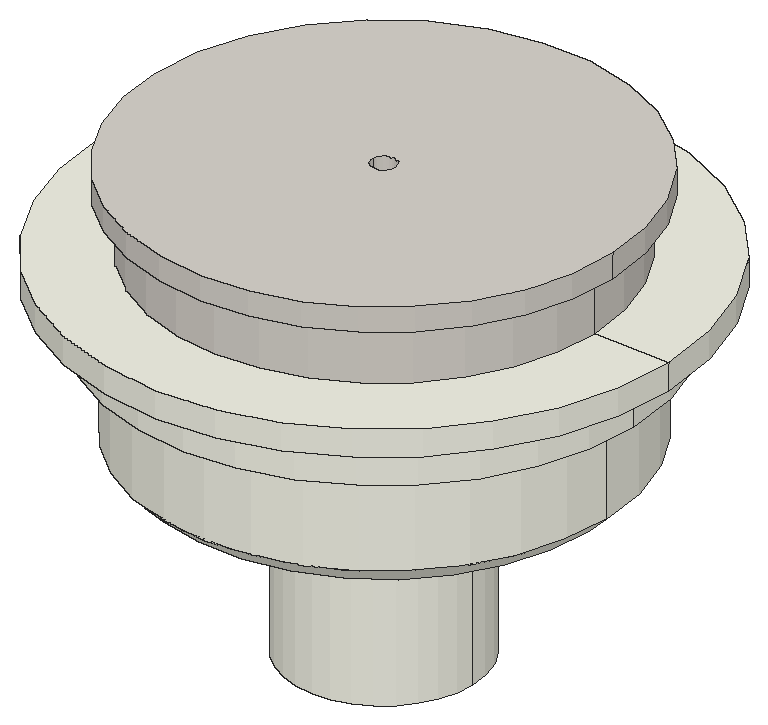
Revit family "Cleanout-Floor-WATTS-CO12_Series", category Plumbing Fixtures, host Face, Revit 2019
Family settings
  Host = Face
  Round Connector Dimension = Use Radius
  Part Type = Normal
  OmniClass Number = 23.45.55.21
  OmniClass Title = Drains (Wastes)
  Cut with Voids When Loaded = Yes
  Shared = Yes
  Room Calculation Point = No
Parameters (values of type "CO12-2ABS-NB")
  Waste Connection = yes
  WFU = 0
  Vent Connection = no
  URL = "http://www.watts.com"
  Top Material = Metal-Watts-Nickel Bronze
  Safe Live Load = "MD - Safe Live Load 2000-4999 lbs.(900-2250 kg)"  # constant formula
  Revised Date = "02/07/2023"  # constant formula
  Region = "North America"  # constant formula
  Product Page URL = "https://www.watts.com/products/drainage-solutions/light-commercial/co12"
  Product Documentation Link = "https://www.watts.com/dfsmedia/0533dbba17714b1ab581ab07a4cbb521/59557-source/es-wdlc-co12"
  Outlet Radius = 1"
  Outlet Length = 2"  # constant formula
  Model = "CO12-2ABS-NB"
  Material = "Plastic-WATTS-ABS"
  Manufacturer Product Line = "Drainage Products"  # constant formula
  Manufacturer = "WATTS"  # constant formula
  HWFU = 0
  HW Connection = no
  Grate Width = 5 1/8"  # constant formula
  Grate Height Constraint = if(Grate Height < 7/8", 7/8", if(Grate Height > 2 3/4", 2 3/4", Grate Height))  # 7/8"
  Grate Height = 7/8"
  Flange Thickness = 0.297"  # constant formula
  Flange Radius = 3 3/16"  # constant formula
  Finish = Plastic-WATTS-ABS
  Description = "PVC/ABS Adjustable Floor Cleanout w/Round Top"  # constant formula
  Default Elevation = 0"
  -NB Nickel Bronze Grate = yes
  -DI Ductile Iron Top = no
  Country = "United States"  # constant formula
  Flange Collar Radius = 2 205/256"
  Connection Size = Outlet Radius * 2  # 2"
  Connection Description = "2\" ABS Connection Outlet"
  CWFU = 0
  CW Connection = no
  Body Radius = 2 1/2"  # constant formula
  Body Length = 2"  # constant formula
  Assembly Code = "D2030300"
  Grate Dimension = if(Grate Height < 7/8", 7/8", if(Grate Height > 2 3/4", 2 3/4", Grate Height))  # 7/8"
  -VP Vandal Proof Screws = no
  -SS Stainless Steel = no
Types (6): name | Outlet Radius | Model | Material | Finish | Connection Size | Connection Description
  CO12-4ABS-NB | 2" | "CO12-4ABS-NB" | "Plastic-WATTS-ABS" | Plastic-WATTS-ABS | 4" | "4\" ABS Connection Outlet"
  CO12-3ABS-NB | 1 1/2" | "CO12-3ABS-NB" | "Plastic-WATTS-ABS" | Plastic-WATTS-ABS | 3" | "3\" ABS Connection Outlet"
  CO12-2ABS-NB | 1" | "CO12-2ABS-NB" | "Plastic-WATTS-ABS" | Plastic-WATTS-ABS | 2" | "2\" ABS Connection Outlet"
  CO12-2PVC-NB | 1" | "CO12-2PVC-NB" | "Plastic-Watts-PVC" | Plastic-Watts-PVC | 2" | "2\" PVC Connection Outlet"
  CO12-3PVC-NB | 1 1/2" | "CO12-3PVC-NB" | "Plastic-Watts-PVC" | Plastic-Watts-PVC | 3" | "3\" PVC Connection Outlet"
  CO12-4PVC-NB | 2" | "CO12-4PVC-NB" | "Plastic-Watts-PVC" | Plastic-Watts-PVC | 4" | "4\" PVC Connection Outlet"
Reference planes (in)
  plane 1 "Center (Front/Back)": y = 0
  plane 2: z = 0
  plane 3 "Center (Left/Right)": x = 0
  plane 4: x = 2.5625
  plane 5: x = -2.5625
  plane 6: y = 2.5625
  plane 7: y = -2.5625
  plane 8: z = -0.875
  plane 9: z = -0.25265
Forms (in)
  Revolve 1, solid, material "Plastic-WATTS-ABS" <- "Finish"
    sketch origin (0, 0, 0) x (1, 0, 0) y (0, 0, 1)
      loop
        line (0, -0.875) -> (-3.1875, -0.875) -> (-3.1875, -1.15625) -> (-2.80078, -1.15625) -> (-2.80078, -1.65625) -> (-2.5, -1.65625) -> (-2.5, -2.6799) -> (-2.3049, -2.875) -> (-1, -2.875) -> (-1, -4.875) -> (0, -4.875) -> (0, -0.875)
      axis (0, -4.875) -> (0, -0.875)
    angle from 0 to 360
  Sweep 2, solid, material "Metal-Watts-Nickel Bronze" <- "Top Material"
    path origin (0, 0, 0) x (1, 0, 0) y (0, 1, 0)
      loop
        circle (0, 0) r 2.5625
    profile origin (0, -2.5625, 0) x (0, -1, 0) y (0, 0, 1)
      loop
        line (0, 0) -> (-2.43428, 0) -> (-2.43428, -0.25265) -> (0, -0.25265) -> (0, 0)
  Revolve 3, solid, material "Metal-Watts-Nickel Bronze" <- "Top Material"
    sketch origin (0, 0, 0) x (1, 0, 0) y (0, 0, 1)
      loop
        line (-2.36045, -0.25265) -> (-2.36045, -0.875) -> (0, -0.875) -> (0, -0.25265) -> (-2.36045, -0.25265)
      axis (0, -0.875) -> (0, -0.25265)
    angle from 0 to 360
  Extrusion 4, void
    sketch origin (0, 0, 0) x (0, -1, 0) y (1, 0, 0)
      loop
        circle (0, 0) r 2.5625
    from -9.23064 to 0
  Extrusion 5, solid, material "Plastic-Watts-PVC", visible <- "-VP Vandal Proof Screws"
    sketch origin (0, 0, 0) x (1, 0, 0) y (0, 1, 0)
      loop
        circle (0.00986, -2.39068) r 0.0606
      loop
        circle (-2.32242, 0.48432) r 0.0606
      loop
        circle (2.11508, 0.98432) r 0.0606
    from -0.14804 to 0.01681
Lines and regions (in)
  Masking region 1
    outline origin (0, 0, 0) x (1, 0, 0) y (0, 1, 0)
      loop
        circle (0, 0) r 3.1875
  symbolic lines, detail levels fine
    curve 1: circle (-0.00192, 0.01517, 0) r 0.68353 normal (0, 0, 1)
    curve 2: circle (-0.00192, 0.01517, 0) r 1.19657 normal (0, 0, 1)
    curve 3: circle (-0.00192, 0.01517, 0) r 1.75 normal (0, 0, 1)
Dimensions and locks (in)
  "Flange Radius": plane 3 "Center (Left/Right)" to Revolve 1 sketch curve
  "Body Radius": plane 3 "Center (Left/Right)" to Revolve 1 sketch curve
  "Outlet Length": Revolve 1 sketch curve to Revolve 1 sketch curve
  "Outlet Radius": plane 3 "Center (Left/Right)" to Revolve 1 sketch curve
  "Flange Collar Radius": Revolve 1 sketch curve to plane 3 "Center (Left/Right)"
  plane 2 to plane 8 = 7/8"
  "Grate Dimension": plane 2 to plane 8
  "Body Length": Revolve 1 sketch curve to Revolve 1 sketch curve
  "Grate Width": plane 6 to plane 7
  "Grate Width": plane 5 to plane 4
  aligned and locked: plane 2 to host face
  aligned and locked: level to host face
  aligned and locked: plane 3 "Center (Left/Right)" to Revolve 1 sketch curve  (x2)
  aligned and locked: plane 8 to Revolve 1 sketch curve
  aligned and locked: Revolve 3 sketch curve to plane 3 "Center (Left/Right)"
  aligned and locked: plane 3 "Center (Left/Right)" to Revolve 3 sketch curve
  aligned and locked: Extrusion 4 sketch curve to Sweep 2
  aligned and locked: Extrusion 4 to Sweep 2
Automatic sketch dimensions
  host sketch curve to host sketch curve = 96"  (x2)
  Revolve 3 sketch curve to plane 8 = 0"
  level to Revolve 3 sketch curve = 0.74735"
  Revolve 3 sketch curve to Revolve 3 sketch curve = 1/2"
  plane 5 to Revolve 1 sketch curve = 0.2576"
  Revolve 1 sketch curve to Revolve 1 sketch curve = 0.1951"
  Revolve 1 sketch curve to plane 8 = 25/32"
  Revolve 1 sketch curve to Revolve 1 sketch curve = 9/32"
  level to Revolve 1 sketch curve = 1/4"
  Revolve 1 sketch curve to Revolve 1 sketch curve = 1 1/2"
  plane 1 "Center (Front/Back)" to Sweep 2 sketch curve = 0"
  Sweep 2 sketch curve to plane 3 "Center (Left/Right)" = 0"
  Revolve 3 sketch curve to plane 9 = 0"
  plane 5 to Revolve 3 sketch curve = 0.20205"
  level to Sweep 2 sketch curve = 0"
  Sweep 2 sketch curve to profile plane = 0"
  Sweep 2 sketch curve to level = 0.25265"
  profile plane to Sweep 2 sketch curve = 2.43428"
  curve 1 to curve 2 = 0"  (x4)
  curve 1 to curve 3 = 0"  (x4)
  plane 1 "Center (Front/Back)" to Masking region 1 sketch curve = 0"
  Masking region 1 sketch curve to plane 3 "Center (Left/Right)" = 0"
  plane 5 to Extrusion 5 sketch curve = 0.24008"
  plane 3 "Center (Left/Right)" to Extrusion 5 sketch curve = 0.00986"
  plane 4 to Extrusion 5 sketch curve = 0.44742"
  Extrusion 5 sketch curve to plane 7 = 0.17182"
  Extrusion 5 sketch curve to plane 1 "Center (Front/Back)" = 0.98432"
  Extrusion 5 sketch curve to plane 1 "Center (Front/Back)" = 0.48432"
  curve 2 to curve 3 = 0"  (x2)
  curve 2 to plane 3 "Center (Left/Right)" = 0.00192"
  curve 2 to plane 1 "Center (Front/Back)" = 0.01517"
  radius of Sweep 2 sketch curve = 2 9/16"
  radius of curve 1 = 0.68353"
  radius of curve 2 = 1.19657"
  radius of curve 3 = 1 3/4"
  radius of Masking region 1 sketch curve = 3 3/16"
  radius of Extrusion 5 sketch curve = 0.0606"  (x3)
Connectors (in)
  piping at (0, 0, -4.875), diameter 2, driven by "Connection Description", driven by "Outlet Radius"
    settings: on Revolve 1, index 1, connector inside diameter 24", connector length 0", flow factor 0, pipe flow 0 GPM, pressure drop 0.00 psi, fitting loss kfactor 0, connector angle 0.00°, fixture units 0, engagement length 0", angle of deflection 0.00°, flow configuration 0, flow direction 2, fitting loss method 0, system type 16, joint type 0, gender type 0, connector reference index -1, connector utility 0, adjustable connector no, is connector primary yes, connector description "2\" ABS Connection Outlet"
